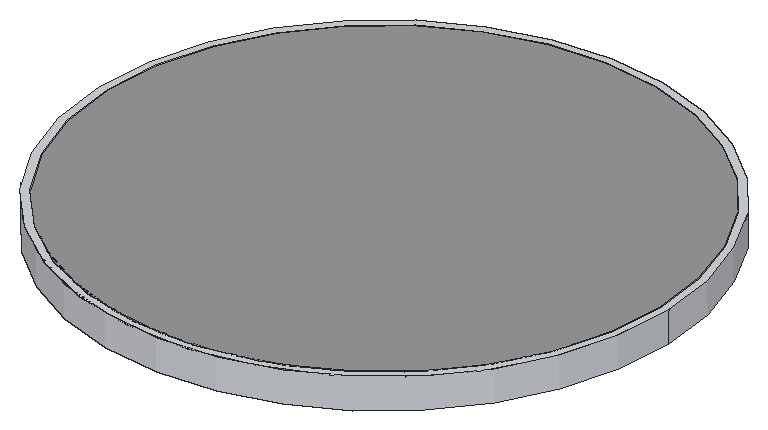
Revit family "2071315", category Lighting Fixtures, host Face, Revit 2018
Family settings
  Host = Face
  Round Connector Dimension = Use Diameter
  Part Type = Junction Box
  OmniClass Number = 23.80.70.00
  OmniClass Title = Lighting
  Cut with Voids When Loaded = No
  Light Source = Yes
  Shared = No
  Room Calculation Point = No
Parameters (values of type "2071315 COLOSSAL 1200 840 OP DIR+H WHT SSA02")
  iner diameter = 1168 mm
  Weight = "n/a"
  Wattage Comments = ""
  Wattage = 30 W
  WarrantyStartDate [instance] = "n/a"
  WarrantyGuarantorParts = "n/a"
  WarrantyDurationUnit = "n/a"
  WarrantyDurationParts = ""
  WarrantyDescription = "http://www.sylvania-lighting.com"
  built-in parameter 1150110 = 1 (stored number, unit not read)
  Voltage = 230 V
  URL = "0.95"
  TypeName = "COLOSSAL 1200mm 840 OPAL DIR+HAL WHITE SSA02"
  Type Image = <None>
  Type Comments = "n/a"
  built-in parameter 1114217 = 1 (stored number, unit not read)
  Tilt Angle = -90.00°
  built-in parameter 1150109 = 1 (stored number, unit not read)
  built-in parameter 1150134 = (empty or 0)
  built-in parameter 1150113 = 1 (stored number, unit not read)
  SerialNumber [instance] = "n/a"
  Photometric Web File = "2071315.ies"
  Material_3_SYL = LED-Sylvania
  PowerFactor = 0
  PowerConsumption = "Lighting"
  NominalLength = 1168 mm
  NominalHeight = 93 mm
  NominalDepth = 1168 mm
  Name = "COLOSSAL 1200mm 840 OPAL DIR+HAL WHITE SSA02"
  ModelReference = Name  # "COLOSSAL 1200mm 840 OPAL DIR+HAL WHITE SSA02"
  ModelNumber = "2071315"
  Model = Name  # "COLOSSAL 1200mm 840 OPAL DIR+HAL WHITE SSA02"
  Material = "Feilo Sylvania"
  ManufacturerName = "144 lm/W"
  Manufacturer = ""
  LuminousEfficacy = ""
  built-in parameter 1150105 = 270.44 (stored number, unit not read)
  Lumens = 3398.4 lm
  LuminaireType = "0"
  built-in parameter 1150115 = 1 (stored number, unit not read)
  LightOutputRatio = "LED"
  built-in parameter 1150137 = (empty or 0)
  built-in parameter 1150139 = (empty or 0)
  LampsType = Lamp  # "n/a"
  LampNominalLuminous = "4000 K"
  LampMacAdamStep = "80"
  LampColourTemperature = "LED"
  LampColourRenderingIndex = "16500"
  built-in parameter 1150112 = 1 (stored number, unit not read)
  built-in parameter 1150114 = 1 (stored number, unit not read)
  Lamp = "n/a"
  Keynote = "n/a"
  InstallationDate [instance] = "n/a"
  InputVoltage = "0"
  InputNominalFrequency = "4000"
  built-in parameter 1150132 = (empty or 0)
  built-in parameter 1150102 = (empty or 0)
  built-in parameter 1150107 = 3000 (stored number, unit not read)
  built-in parameter 1150138 = (empty or 0)
  IngressProtection = "IfcLightFixtureType"
  ImpactProtectionIndex = "IfcLightFixtureType"
  built-in parameter 1150106 = 2.7044 (stored number, unit not read)
  IfcExportType = "IfcLightFixtureType"
  IfcExportAs = "Class I"
  Emit from Circle Diameter = 385 mm
  Emit Shape Visible in Rendering = no
  ElectricShockClassification = "144"
  built-in parameter 1150104 = 10.524 (stored number, unit not read)
  DocumentationLiterature = "http://www.sylvania-lighting.com/product/en-int/products/2071315"
  DimmingControlOptions = "n/a"
  Material_2_SYL = Polycarbonate_Sylvania_White
  Dimming Lamp Color Temperature Shift = <None>
  Description = "1200mm diameter circular architectural luminaire, can be surface mounted or suspended. Powder coated aluminium housing (RAL9016) with polycarbonate opal diffuser. Direct/indirect (halo) light distribution, 22175lm luminuous flux, 153.6W system power, 144lm/W luminiaire efficacy. Sylsmart Connected enabled. Colour rendering index Ra >80, 4000K Neutral White LED, chromaticity tolerance of 3-step MacAdam ellipse. IP40/IP20, IK03. 450mA drive current. Electrical protection Class1, 220-240V. Reported lifetime 66k hours L90B10."
  Default Elevation = 1219.2 mm
  CreatedOn = "23/03/2022"
  CreatedBy = "@sylvania-lighting.com"
  Cost = 0
  Color Filter = 16777215
  built-in parameter 1114216 [instance] = (empty or 0)
  ClassificationValue = "EF_70_80"
  ClassificationName = "Uniclass2015"
  Material_1_SYL = Polycarbonate_Sylvania_Opal
  BarCode [instance] = "n/a"
  built-in parameter 1114218 = 1 (stored number, unit not read)
  built-in parameter 1150133 = 10 (stored number, unit not read)
  AssetType = "Fixed"
  AssetIdentifier [instance] = "n/a"
  Assembly Code = "D5020200"
  Apparent Load = 153.6 VA
  Material_4_SYL = none
Reference planes
  plane 1 "Center (Front/Back)": y = 0
  plane 2: z = 0
  plane 3 "Center (Left/Right)": x = 0
  plane 4: z = 1.161
  plane 5: z = 16.161
  plane 6: y = 584
  plane 7: y = -584
  plane 8: x = 85
  plane 9: x = -85
  plane 10: through (0, 0, 1219.2) normal (0.5, 0.866, 0)
  plane 11: through (42.5, 73.612, 1219.2) normal (0.5, 0.866, 0)
  plane 12: through (-42.5, -73.612, 1219.2) normal (0.5, 0.866, 0)
  plane 13: through (0, 0, 1219.2) normal (0.5, -0.866, 0)
  plane 14: through (-42.5, 73.612, 1219.2) normal (0.5, -0.866, 0)
  plane 15: through (42.5, -73.612, 1219.2) normal (0.5, -0.866, 0)
  plane 16: z = 93
  plane 17: y = 584
  plane 18: y = -584
  plane 19: y = -429
  plane 20: x = -584
  plane 21: x = 584
Forms (mm)
  Extrusion 1, solid, detail levels medium+fine
    sketch origin (0, 0, 0) x (0.866025, -0.5, 0) y (0.5, 0.866025, 0)
      loop
        circle (-50, 86.603) r 22
    from 0 to 2
  Extrusion 2, solid, detail levels medium+fine
    sketch origin (0, 0, 0) x (0.866025, -0.5, 0) y (0.5, 0.866025, 0)
      loop
        circle (100, 0) r 22
      loop
        circle (-50, -86.603) r 22
    from 0 to 2
  Extrusion 3, solid, detail levels medium+fine
    sketch origin (0, 0, 0) x (1, 0, 0) y (0, 1, 0)
      loop
        circle (0, 0) r 584
    from 30 to 93
  Extrusion 4, void
    sketch origin (0, 0, 0) x (1, 0, 0) y (0, 1, 0)
      loop
        circle (0, 0) r 568
    from 96.588 to 37.292
  Extrusion 5, solid, material "Glass, White, High Luminance", detail levels fine
    sketch origin (0, 0, 0) x (1, 0, 0) y (0, 1, 0)
      loop
        circle (0, 0) r 568
    from 88.022 to 93
  Extrusion 6, solid, detail levels coarse
    sketch origin (0, 0, 0) x (1, 0, 0) y (0, 1, 0)
      loop
        line (-584, 584) -> (-584, -584) -> (584, -584) -> (584, 584) -> (-584, 584)
    from 0 to 93
  Blend 7, solid, detail levels medium+fine
    base sketch origin (-10.814, 11.299, 29.922) x (1, 0, 0) y (0, 1, 0)
      loop
        line (-402.654, -330.622) -> (397.346, -330.622) -> (482.346, -183.398) -> (82.346, 509.423) -> (-87.654, 509.423) -> (-487.654, -183.398) -> (-402.654, -330.622)
    top sketch origin (-10.814, 11.299, 29.922) x (1, 0, 0) y (0, 1, 0)
      loop
        line (-363.391, -306.496) -> (364.632, -306.496) -> (449.632, -159.272) -> (87.132, 468.597) -> (-82.868, 468.597) -> (-445.368, -159.272) -> (-363.391, -306.496)
    from 0 to -30
Cuts and joins
  Extrusion 4 cuts Extrusion 1
  Extrusion 4 cuts Extrusion 2
  Extrusion 4 cuts Extrusion 3
Lines and regions (mm)
  model lines, detail levels medium+fine
    curve 1: circle (0, 0, 0) r 155 normal (0, 0, 1)
  reference lines
    curve 2: circle (0, 0, 0) r 489 normal (0, 0, 1)
    curve 3: circle (0, 0, 0) r 521 normal (0, 0, 1)
    curve 4: line (0, 0, 0) -> (606.218, -350, 0)
    curve 5: line (0, 0, 0) -> (0, 825, 0)
    curve 6: line (0, 0, 0) -> (-623.538, -360, 0)
    curve 7: line (639.013, -270.785, 0) -> (85, 49.075, 0)
    curve 8: line (563.718, -423.612, 0) -> (0, -98.15, 0)
    curve 9: line (85, 49.075, 0) -> (85, 825, 0)
    curve 10: line (-85, 49.075, 0) -> (-85, 825, 0)
    curve 11: line (-85, 49.075, 0) -> (-666.038, -286.388, 0)
    curve 12: line (-581.038, -433.612, 0) -> (0, -98.15, 0)
Dimensions and locks
  plane 4 to level = 1.161 mm
  locked: plane 5 to plane 4 at 15
  "NominalDepth": plane 6 to plane 7
  plane 6 to plane 1 "Center (Front/Back)" to plane 7 = 584 mm, 584 mm
  "NominalHeight": level to plane 16
  equal spacing: plane 17, plane 1 "Center (Front/Back)", plane 18
  "NominalLength": plane 20 to plane 21
  equal spacing: plane 20, plane 3 "Center (Left/Right)", plane 21
  aligned and locked: plane 2 to host face
  aligned and locked: level to host face
  aligned and locked: plane 6 to Extrusion 6
Automatic sketch dimensions
  host sketch curve to host sketch curve = 2438.4 mm  (x2)
  Extrusion 1 sketch curve to plane 3 "Center (Left/Right)" = 0 mm
  Extrusion 1 sketch curve to plane 1 "Center (Front/Back)" = 100 mm
  plane 1 "Center (Front/Back)" to Extrusion 2 sketch curve = 50 mm
  Extrusion 2 sketch curve to plane 3 "Center (Left/Right)" = 86.603 mm
  Extrusion 2 sketch curve to Extrusion 2 sketch curve = 150 mm
  Extrusion 2 sketch curve to Extrusion 2 sketch curve = 86.603 mm
  plane 1 "Center (Front/Back)" to curve 1 = 0 mm
  curve 1 to plane 3 "Center (Left/Right)" = 0 mm
  plane 1 "Center (Front/Back)" to Extrusion 3 sketch curve = 0 mm
  Extrusion 3 sketch curve to plane 3 "Center (Left/Right)" = 0 mm
  plane 1 "Center (Front/Back)" to Extrusion 4 sketch curve = 0 mm
  Extrusion 4 sketch curve to plane 3 "Center (Left/Right)" = 0 mm
  plane 1 "Center (Front/Back)" to Extrusion 5 sketch curve = 0 mm
  Extrusion 5 sketch curve to plane 3 "Center (Left/Right)" = 0 mm
  curve 2 to curve 3 = 0 mm  (x2)
  curve 11 to plane 14 = 0 mm
  curve 6 to plane 13 = 0 mm
  curve 12 to plane 15 = 0 mm
  curve 10 to plane 9 = 0 mm
  curve 12 to plane 3 "Center (Left/Right)" = 0 mm
  plane 1 "Center (Front/Back)" to curve 3 = 0 mm
  curve 3 to plane 3 "Center (Left/Right)" = 0 mm
  curve 7 to plane 8 = 0 mm
  curve 11 to plane 10 = 0 mm
  curve 12 to plane 19 = 4.612 mm
  plane 19 to curve 6 = 69 mm
  plane 19 to curve 11 = 142.612 mm
  plane 19 to curve 8 = 5.388 mm
  plane 19 to curve 4 = 79 mm
  plane 19 to curve 7 = 158.215 mm
  plane 6 to curve 5 = 241 mm
  curve 10 to curve 5 = 0 mm
  curve 5 to curve 9 = 0 mm
  plane 1 "Center (Front/Back)" to curve 6 = 0 mm
  curve 6 to plane 3 "Center (Left/Right)" = 0 mm
  Extrusion 6 sketch curve to plane 7 = 0 mm
  Extrusion 6 sketch curve to plane 6 = 0 mm
  Blend 7 sketch curve to plane 6 = 756.098 mm  (x2)
  Blend 7 sketch curve to Blend 7 sketch curve = 85 mm
  plane 3 "Center (Left/Right)" to Blend 7 sketch curve = 386.532 mm
  plane 8 to Blend 7 sketch curve = 386.532 mm
  Blend 7 sketch curve to plane 6 = 63.278 mm
  Blend 7 sketch curve to plane 6 = 731.972 mm  (x2)
  Blend 7 sketch curve to Blend 7 sketch curve = 81.977 mm
  plane 3 "Center (Left/Right)" to Blend 7 sketch curve = 353.818 mm
  plane 8 to Blend 7 sketch curve = 353.818 mm
  Blend 7 sketch curve to plane 6 = 104.104 mm
  plane 12 to curve 8 = 0 mm
  plane 19 to Blend 7 sketch curve = 109.677 mm
  plane 19 to Blend 7 sketch curve = 133.803 mm
  plane 8 to Extrusion 6 sketch curve = 499 mm
  Extrusion 6 sketch curve to plane 9 = 499 mm
  Blend 7 sketch curve to plane 8 = 13.468 mm
  Blend 7 sketch curve to plane 9 = 13.468 mm
  Blend 7 sketch curve to plane 9 = 328.468 mm
  Blend 7 sketch curve to plane 8 = 8.682 mm
  Blend 7 sketch curve to plane 9 = 8.682 mm
  Blend 7 sketch curve to plane 9 = 289.205 mm
  plane 10 to curve 4 = 0 mm
  plane 11 to curve 7 = 0 mm
  curve 12 to plane 12 = 0 mm
  curve 9 to plane 11 = 0 mm
  radius of Extrusion 1 sketch curve = 22 mm
  radius of Extrusion 2 sketch curve = 22 mm  (x2)
  radius of curve 1 = 155 mm
  radius of Extrusion 3 sketch curve = 584 mm
  radius of Extrusion 4 sketch curve = 568 mm
  radius of Extrusion 5 sketch curve = 568 mm
  radius of curve 2 = 489 mm
  radius of curve 3 = 521 mm
Connectors
  electrical at (0, 0, 30)
    settings: on cut or joined group of Extrusion 3, Extrusion 4, index 1, voltage 0 V, apparent load 0 VA, apparent load phase1 0 VA, apparent load phase2 0 VA, apparent load phase3 0 VA, power factor 1, load classification "Other", number of poles 1, system type 31, power factor state 1, is connector primary yes, connector utility no, sub classification motor no, connector description ""
